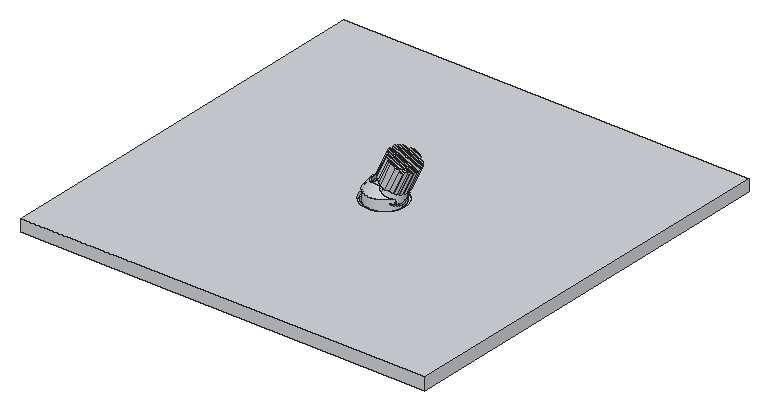
Revit family "M2 Adjustable", category Lighting Fixtures, Revit 2014
Parameters (values of type "MFLUX M2 ADJUSTABLE")
  Wattage Comments = "11"
  Wattage = 11 W
  built-in parameter 1150110 = 1 (stored number, unit not read)
  Type Comments = "Recessed"
  Type = "MFLUX M2 ADJUSTABLE"
  built-in parameter 1114217 = 1 (stored number, unit not read)
  built-in parameter 1150109 = 1 (stored number, unit not read)
  built-in parameter 1150134 = 12
  built-in parameter 1150113 = 1 (stored number, unit not read)
  O/A Diameter (mm) = "74"
  Model = "Mflux M2"
  Manufacturer = "Designed Architectural Lighting"
  Luminous flux of luminaire (lm) = "1500"
  Lumens = 1518 lm
  built-in parameter 1150115 = 1 (stored number, unit not read)
  built-in parameter 1150105 = 120.8 (stored number, unit not read)
  Light Source Symbol Size = 609.6 mm
  built-in parameter 1150137 = (empty or 0)
  built-in parameter 1150139 = (empty or 0)
  built-in parameter 1150112 = 1 (stored number, unit not read)
  built-in parameter 1150114 = 1 (stored number, unit not read)
  Lamp = "LED"
  built-in parameter 1150132 = (empty or 0)
  built-in parameter 1150102 = (empty or 0)
  built-in parameter 1150138 = (empty or 0)
  built-in parameter 1150107 = 4000 (stored number, unit not read)
  built-in parameter 1150106 = 1.208 (stored number, unit not read)
  Height (mm) = "90"
  built-in parameter 1150104 = 12.821 (stored number, unit not read)
  Dimming Lamp Color Temperature Shift = <None>
  Description = "Recessed LED downlighter"
  Cut Out (mm) = "64"
  Colour temperature (K) = "2700/3000/4000"
  Color Filter = 16777215
  CRI = "90"
  built-in parameter 1114218 = 1 (stored number, unit not read)
  built-in parameter 1150133 = 10 (stored number, unit not read)
  Apparent Load = 11 VA
  Aperture (mm) = "58"
Reference planes
  plane 1 "Light Source Axis (F/B)": y = 0
  plane 2: z = 0
  plane 3 "Light Source Axis (L/R)": x = 0
  plane 4 "Light Source Elevation": z = 0
Forms (mm)
  Extrusion 1, solid
    sketch origin (-38.915, -66.34, 0) x (1, 0, 0) y (0, 1, 0)
      loop
        line (-261.085, 366.181) -> (-261.085, -233.819) -> (338.915, -233.819) -> (338.915, 366.181) -> (-261.085, 366.181)
      loop
        circle (38.915, 66.181) r 32
    from 0 to 18
  Revolve 2, solid
    sketch origin (0, 0, 0) x (0, 1, 0) y (0, 0, 1)
      loop
        line (37.019, 0) -> (30.535, 0) -> (30.535, 15.994) -> (28.415, 15.994) -> (28.415, -2.122) -> (37.019, -2.122) -> (37.019, 0)
      axis (0, -2.122) -> (0, 15.994)
    angle from 0 to 360
  Revolve 3, solid
    sketch origin (0, 0, 0) x (0, 1, 0) y (0, 0, 1)
      loop
        line (28.353, -2.122) -> (28.353, 3.596) -> (26.859, 3.596) -> (26.859, 9.734) -> (23.278, 9.734) -> (20.089, 15.994) -> (17.039, 15.994) -> (19.841, 11.14) -> (27.498, -2.122) -> (28.353, -2.122)
      axis (0, 15.994) -> (0, -2.122)
    angle from 0 to 360
  Revolve 4, solid
    sketch origin (-1.195, 0, 12.597) x (0, 1, 0) y (0.422618, 0, 0.906308)
      loop
        line (20.801, 71.583) -> (0, 71.583) -> (0, 38.521) -> (20.801, 38.521) -> (20.801, 71.583)
      axis (0, 71.583) -> (0, 38.521)
    angle from 0 to 360
  Revolve 5, solid
    sketch origin (-10.137, 0.105, -6.579) x (0, 1, 0) y (0.422618, 0, 0.906308)
      loop
        line (22.2, 37.152) -> (22.2, 42.152) -> (21.417, 42.152) -> (15.96, 56.367) -> (14.19, 56.367) -> (19.983, 41.275) -> (19.983, 37.152) -> (21.216, 37.152) -> (21.216, 30.892) -> (19.983, 30.892) -> (19.983, 29.435) -> (22.2, 29.435) -> (22.2, 37.152)
      axis (0, 56.367) -> (0, 29.435)
    angle from 0 to 360
  Revolve 6, solid
    sketch origin (-2.401, 0, 10.012) x (0, 1, 0) y (0.422618, 0, 0.906308)
      loop
        line (0, 38.521) -> (16.58, 38.521) -> (16.58, 41.373) -> (0, 41.373) -> (0, 38.521)
      axis (0, 41.373) -> (0, 38.521)
    angle from 0 to 360
  Extrusion 7, solid
    sketch origin (-1.195, 0, 12.597) x (0.906308, 0, -0.422618) y (0, 1, 0)
      loop
        line (-16.55, -14.481) -> (-14.658, -16.658) -> (14.749, -16.658) -> (16.641, -14.481) -> (-16.55, -14.481)
      loop
        line (-21.977, -3.752) -> (-21.406, -5.929) -> (21.33, -5.929) -> (21.901, -3.752) -> (-21.977, -3.752)
      loop
        line (18.979, -11.482) -> (20.088, -9.305) -> (-20.266, -9.305) -> (-19.157, -11.482) -> (18.979, -11.482)
      loop
        line (7.974, -19.718) -> (-7.737, -19.718) -> (-3.809, -21.895) -> (4.047, -21.895) -> (7.974, -19.718)
      loop
        line (-16.832, 14.481) -> (16.677, 14.481) -> (14.785, 16.658) -> (-14.94, 16.658) -> (-16.832, 14.481)
      loop
        line (-22.04, 3.752) -> (21.945, 3.752) -> (21.375, 5.929) -> (-21.469, 5.929) -> (-22.04, 3.752)
      loop
        line (18.965, 11.482) -> (-19.133, 11.482) -> (-20.242, 9.305) -> (20.074, 9.305) -> (18.965, 11.482)
      loop
        line (8.382, 19.718) -> (4.455, 21.895) -> (-4.847, 21.895) -> (-8.774, 19.718) -> (8.382, 19.718)
    from 38.521 to 75.554
  Revolve 8, solid
    sketch origin (0, 0, 0) x (1, 0, 0) y (0, 0, 1)
      loop
        line (-21.768, 15.994) -> (-21.768, 17.072) -> (-25.24, 17.072) -> (-25.24, 30.583) -> (-15.8, 42.24) -> (-16.597, 43.62) -> (-26.804, 31.015) -> (-26.804, 15.994) -> (-21.768, 15.994)
      axis (0, 43.62) -> (0, 15.994)
    angle from 0 to 360
Dimensions and locks
  aligned and locked: plane 3 "Light Source Axis (L/R)" to imposter light
  aligned and locked: plane 1 "Light Source Axis (F/B)" to imposter light
  aligned and locked: plane 4 "Light Source Elevation" to imposter light
  aligned and locked: level to plane 2
